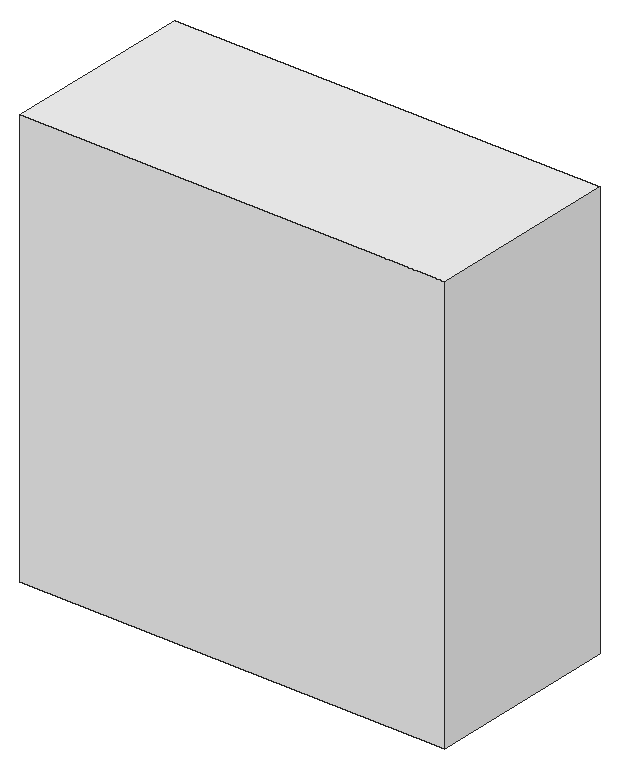
Revit family "HL_Электронный модуль управления_HL0710E.0EPC_BMS.rfa", category Elektrická tělesa, Revit 2016
Family settings
  Zachovat orientaci poznámky = Ne
  Typ součásti = Normální
  Kóta kulaté spojky = Použít průměr
  Číslo OmniClass = 23.85.80.11.24
  Nadpis OmniClass = Environmental Controls
  Založené na pracovní rovině = Ne
  Vždy vertikální = Ano
  Ořezat dutým tvarem při načtení = Ne
  Sdílené = Ano
  Bod výpočtu místnosti = Ne
Parameters
  ВЕС = "1,357 kg"
  Výrobce = "HL Hutterer & Lechner GmbH"
  URL = "http://www.hutterer-lechner.com/ru/products/catalog/roof-drains/HL0710E.0EPC.aspx"
  Вертикальная позиция [instance] = 0
  Горизонтальное положение [instance] = 0
  Popis = "Механический канализационный затвор"
  Model = "HL0710E.0EPC"
  LEGAL NOTICE = "\"Авторские права(©), права на дизайн или какие либо другие права интелектуальной собственности являются исключительной собственностью компании HL Hutterer & Lechner. Изменению не подлежит. Файл семейства с данными о прозводителе изделия защищен паролем с водяным знаком.\""
  Komentáře k typům = "Электронный модул с возможностью подключения"
  Keynote = "HL0710E.0EPC"
  EAN = "9003076009800"
  Cena = 0
Reference planes
  plane 1 "Střed (vpředu/vzadu)": y = 0
  plane 2: z = 0
  plane 3 "Střed (vlevo/vpravo)": x = 0
Forms (mm)
  Sweep 1, solid, material "Plactic - White", detail levels fine
    path origin (41.226, 0, -608.5) x (1, 0, 0) y (0, 0, 1)
      loop
        line (-41.226, 608.5) -> (-41.226, 728.5)
    profile origin (0, 0, 60) x (-1, 0, 0) y (0, -1, 0)
      loop
        line (0, 0) -> (0, -55.5) -> (122, -55.5) -> (122, 0) -> (0, 0)
Dimensions and locks
  aligned and locked: level to plane 2
Nested families
  nested 1: "Servopohon ventilu spojitý.CC" at (-61, 25.2, 0), Вертикальная позиция <- "Вертикальная позиция", Горизонтальное положение <- "Горизонтальное положение", type "Servopohon ventilu spojitý.CC", detail levels coarse+medium
    with Горизонтальное положение 0, Вертикальная позиция 0, ver 100 mm, hor 100 mm
Connectors
  electrical at (-61, 27.75, 0)
    settings: on Sweep 1, index 1, voltage 0 V, apparent load 0 VA, apparent load phase1 0 VA, apparent load phase2 0 VA, apparent load phase3 0 VA, power factor 1, load classification "Další", number of poles 1, system type 13, power factor state 1, is connector primary yes, connector utility no, sub classification motor no, connector description ""
Definition of nested family "Servopohon ventilu spojitý.CC"
  Parameters (values of type "Servopohon ventilu spojitý.CC")
    ver [instance] = if(Вертикальная позиция > 0, 100 mm + Вертикальная позиция * 1 mm, 100 mm + Вертикальная позиция * 1 mm)  # 100 mm
    hor [instance] = if(Горизонтальное положение > 0, 100 mm - Горизонтальное положение * 1 mm, 100 mm - Горизонтальное положение * 1 mm)  # 100 mm
    URL = "www.cadconsulting.cz"
    Вертикальная позиция [instance] = 0
    Горизонтальное положение [instance] = 0
    Copyright = "© cadconsulting, spol. s r.o."  # constant formula
    COPYRIGHT = "© cadconsulting, spol. s r.o."  # constant formula
  Reference planes
    plane 1: y = 0
    plane 2: x = 0
  Lines and regions (mm)
    detail lines
      curve 1: circle (0, 0, 0) r 2.5 normal (0, 0, 1)
    detail lines, not visible
      curve 2: circle (0.006, 18.75, 0) r 2.5 normal (0, 0, 1)
    reference lines
      curve 3: line (-2.5, 0, 0) -> (2.5, 0, 0)
      curve 4: line (0, 2.5, 0) -> (0, -2.5, 0)
      curve 7: line (100, 6.627, 0) -> (100, -53.373, 0)
      curve 8: line (-14.794, -100, 0) -> (40.206, -100, 0)
    reference lines, not visible
      curve 5: line (-2.494, 18.75, 0) -> (2.506, 18.75, 0)
      curve 6: line (0.006, 21.25, 0) -> (0.006, 16.25, 0)
  Dimensions and locks
    locked: curve 8 to plane 1 at 100
    locked: plane 2 to curve 7 at 100
    "hor": curve 4 to curve 7
    "ver": curve 8 to curve 3
  Automatic sketch dimensions
    plane 2 to curve 8 = 40.206 mm
    curve 8 to plane 2 = 14.794 mm
    plane 1 to curve 7 = 53.373 mm
    curve 7 to plane 1 = 6.627 mm
